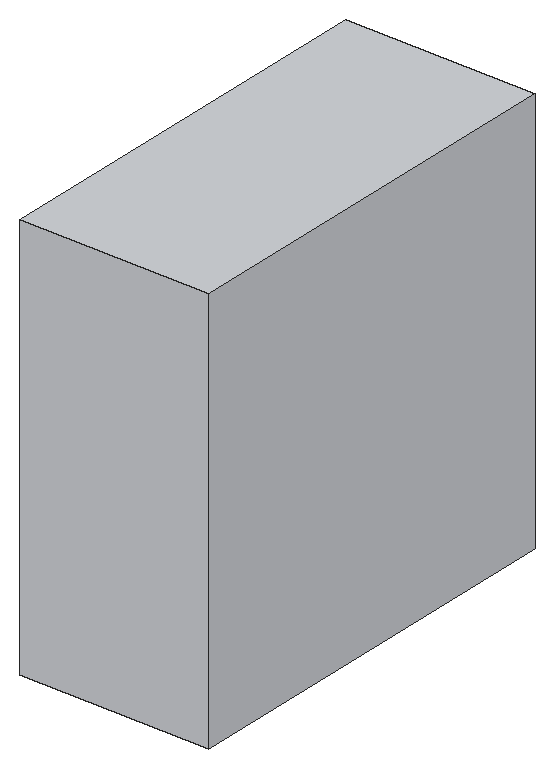
Revit family "M_Fire Damper - Rectangular - Simple", category Duct Accessories, Revit 2014
Parameters (values of type "Standard")
  Width 1 [instance] = if(and(Duct Width < 1200 mm, Duct Height < 1200 mm), 12 mm, if(or(Duct Width > 2400 mm, Duct Height > 2400 mm), 40 mm, 25 mm))  # 12 mm
  Symbol Width [instance] = Damper Width * 2  # 648 mm
  Symbol Radius [instance] = Damper Length * 0.2  # 30 mm
  Pressure Drop [instance] = 995.0 Pa
  Half Symbol Width [instance] = Symbol Width / 2  # 324 mm
  Half Duct Width [instance] = 1 / 2 * Duct Width  # 150 mm
  Half Damper Width [instance] = Damper Width / 2  # 162 mm
  Half Damper Length = Damper Length / 2  # 75 mm
  Half Damper Height [instance] = Damper Height / 2  # 162 mm
  Fire Damper Material = none
  Duct Width [instance] = 300 mm
  Duct Height [instance] = 300 mm
  Damper Width [instance] = Duct Width + Width 1 * 2  # 324 mm
  Damper Length = 150 mm
  Damper Height [instance] = Duct Height + Width 1 * 2  # 324 mm
Reference planes
  plane 1 "Center (Front/Back)": y = 0
  plane 2: z = 0
  plane 3 "Center (Left/Right)": x = 0
  plane 4: x = -75
  plane 5: x = 75
  plane 6: z = 162
  plane 7: z = -162
  plane 8: y = 162
  plane 9: y = -162
  plane 10: y = 324
  plane 11: y = -324
  plane 12: y = 150
  plane 13: y = -150
Forms (mm)
  Extrusion 1, solid, material <- "Fire Damper Material"
    sketch origin (0, 0, 0) x (0, 1, 0) y (0, 0, 1)
      loop
        line (162, 162) -> (-162, 162) -> (-162, -162) -> (162, -162) -> (162, 162)
    from -75 to 75
Lines and regions (mm)
  symbolic lines, detail levels coarse+medium
    curve 1: line (-75, 324, 0) -> (0, 324, 0)
    curve 2: line (0, 324, 0) -> (0, -324, 0)
    curve 3: line (-75, 150, 0) -> (-75, -150, 0)
    curve 4: line (75, 150, 0) -> (75, -150, 0)
    curve 5: circle (0, 0, 0) r 30 normal (0, 0, 1)
  symbolic lines, detail levels fine
    curve 6: line (-75, 162, 0) -> (75, 162, 0)
    curve 7: line (-75, -162, 0) -> (-75, 162, 0)
    curve 8: line (75, -162, 0) -> (-75, -162, 0)
    curve 9: line (75, 162, 0) -> (75, -162, 0)
Dimensions and locks
  "Half Damper Length": plane 4 to plane 3 "Center (Left/Right)"
  "Half Damper Length": plane 3 "Center (Left/Right)" to plane 5
  "Half Damper Height": plane 6 to plane 2
  "Half Damper Height": plane 2 to plane 7
  "Half Damper Width": plane 8 to plane 1 "Center (Front/Back)"
  "Half Damper Width": plane 1 "Center (Front/Back)" to plane 9
  "Half Symbol Width": plane 10 to plane 1 "Center (Front/Back)"
  "Half Symbol Width": plane 11 to plane 1 "Center (Front/Back)"
  "Half Duct Width": plane 1 "Center (Front/Back)" to plane 12
  "Half Duct Width": plane 13 to plane 1 "Center (Front/Back)"
  "Symbol Radius": radius of curve 5
  aligned and locked: Extrusion 1 to plane 4
  aligned and locked: plane 5 to Extrusion 1
  aligned and locked: plane 6 to Extrusion 1
  aligned and locked: Extrusion 1 to plane 7
  aligned and locked: Extrusion 1 to plane 8
  aligned and locked: plane 9 to Extrusion 1
  aligned and locked: plane 4 to curve 1
  aligned and locked: curve 1 to plane 10
  aligned and locked: plane 10 to curve 2
  aligned and locked: plane 11 to curve 2
  aligned and locked: curve 2 to plane 3 "Center (Left/Right)"
  aligned and locked: plane 12 to curve 3
  aligned and locked: plane 13 to curve 3
  aligned and locked: curve 3 to plane 4
  aligned and locked: plane 12 to curve 4
  aligned and locked: plane 13 to curve 4
  aligned and locked: curve 4 to plane 5
  aligned and locked: plane 3 "Center (Left/Right)" to curve 5
  aligned and locked: plane 1 "Center (Front/Back)" to curve 5
  aligned and locked: plane 8 to curve 6
  aligned and locked: curve 8 to plane 9
  aligned and locked: curve 9 to plane 5
  aligned and locked: plane 4 to curve 7
Automatic sketch dimensions
  plane 1 "Center (Front/Back)" to Extrusion 1 sketch curve = 162 mm
  Extrusion 1 sketch curve to plane 1 "Center (Front/Back)" = 162 mm
  Extrusion 1 sketch curve to level = 162 mm
  level to Extrusion 1 sketch curve = 162 mm
Connectors
  hvac at (-75, 0, 0), driven by "Duct Height", driven by "Duct Width", driven by "Pressure Drop"
    settings: on Extrusion 1, index 1, duct flow 0.0 L/s, flow factor 0, pres drop 995.0 Pa, loss coef 0, conn angle 0.00°, conn width 300 mm, conn height 300 mm, conn diameter 609.6 mm, duct sys type 29, conn prof type 1, flow config 0, flow direction 0, loss method 4, conn ref index 2, conn util no, is conn primary yes, conn desc ""
  hvac at (75, 0, 0), driven by "Duct Height", driven by "Duct Width"
    settings: on Extrusion 1, index 2, duct flow 0.0 L/s, flow factor 0, pres drop 0.0 Pa, loss coef 0, conn angle 0.00°, conn width 300 mm, conn height 300 mm, conn diameter 609.6 mm, duct sys type 29, conn prof type 1, flow config 0, flow direction 0, loss method 4, conn ref index 1, conn util no, is conn primary no, conn desc ""
